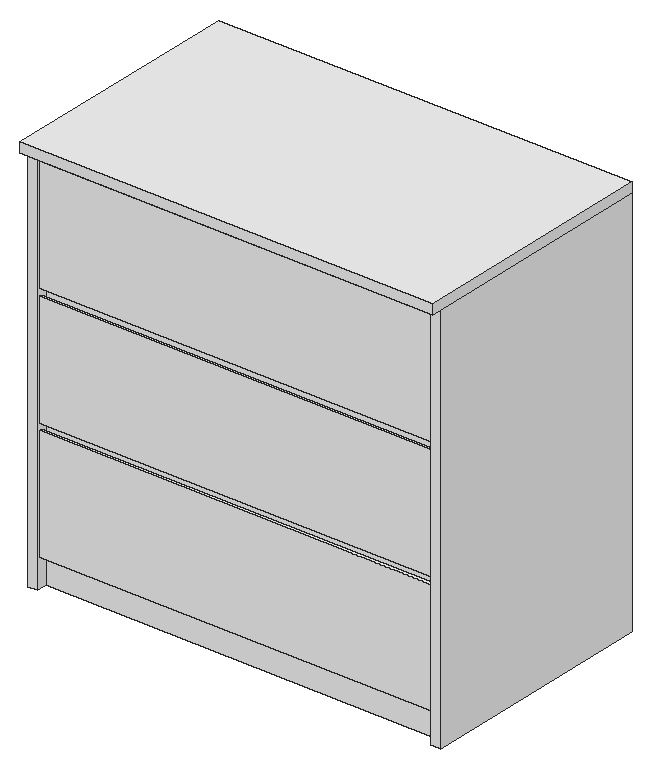
Revit family "c082e9bc2e514b6f84b498131a489413", category Mobilier, Revit 2021
Family settings
  Numéro OmniClass = 23.40.20.00
  Titre OmniClass = General Furniture and Specialties
  Basée sur le plan de construction = Non
  Toujours verticalement = Oui
  Couper avec des vides une fois chargée = Non
  Partagée = Non
  Point de calcul de pièce = Non
Parameters (values of type "80 x 48.2 x 78 cm - Blanc brillant")
  Elévation par défaut = 0 mm
  Profondeur = 482 mm
  Mobilier = Aggloméré - Blanc brillant
  Largeur = 800 mm
  Hauteur = 780 mm
Types (4, lengths in mm): name | Mobilier
  (no name) | Aggloméré - Blanc brillant
  80 x 48.2 x 78 cm - Blanc brillant | Aggloméré - Blanc brillant
  80 x 48.2 x 78 cm - Marron foncé brillant | Aggloméré - Marron foncé brillant
  80 x 48.2 x 78 cm - Bouleau | Aggloméré - Bouleau
Reference planes
  plane 1 "Centre (avant/arrière)": y = 0
  plane 2: z = 0
  plane 3 "Centre (gauche/droite)": x = 0
  plane 4: x = -400
  plane 5: x = 400
  plane 6: y = -482
  plane 7: z = 780
  plane 8: y = -442
  plane 9: z = 60
  plane 10: z = 293.667
  plane 11: z = 527.333
  plane 12: z = 761
Forms (mm)
  Extrusion 1, solid, material "Aggloméré - Blanc brillant" <- "Mobilier"
    sketch origin (0, 0, 0) x (0, 1, 0) y (0, 0, 1)
      loop
        line (0, 780) -> (-482, 780) -> (-482, 761) -> (0, 761) -> (0, 780)
    from -400 to 400
  Extrusion 2, solid, material "Aggloméré - Blanc brillant" <- "Mobilier"
    sketch origin (0, 0, 0) x (1, 0, 0) y (0, 1, 0)
      loop
        line (-400, 0) -> (-400, -462) -> (-381, -462) -> (-381, 0) -> (-400, 0)
      loop
        line (381, 0) -> (381, -462) -> (400, -462) -> (400, 0) -> (381, 0)
    from 0 to 761
  Extrusion 3, solid, material "Aggloméré - Blanc brillant" <- "Mobilier"
    sketch origin (0, 0, 0) x (1, 0, 0) y (0, 1, 0)
      loop
        line (-381, -442) -> (381, -442) -> (381, -423) -> (-381, -423) -> (-381, -442)
    from 0 to 60
  Extrusion 4, solid, material "Aggloméré - Blanc brillant" <- "Mobilier"
    sketch origin (0, 0, 0) x (0, 1, 0) y (0, 0, 1)
      loop
        line (-412, 761) -> (-442, 761) -> (-442, 721) -> (-412, 721) -> (-412, 761)
      loop
        line (-412, 527.333) -> (-442, 527.333) -> (-442, 487.333) -> (-412, 487.333) -> (-412, 527.333)
      loop
        line (-412, 293.667) -> (-442, 293.667) -> (-442, 253.667) -> (-412, 253.667) -> (-412, 293.667)
    from -381 to 381
  Extrusion 5, solid, material "Aggloméré - Blanc brillant" <- "Mobilier"
    sketch origin (0, 0, 0) x (0, 1, 0) y (0, 0, 1)
      loop
        line (-456, 744.833) -> (-461, 744.833) -> (-461, 524.833) -> (-442, 524.833) -> (-442, 730.833) -> (-456, 744.833)
      loop
        line (-456, 511.167) -> (-461, 511.167) -> (-461, 291.167) -> (-442, 291.167) -> (-442, 497.167) -> (-456, 511.167)
      loop
        line (-456, 277.5) -> (-461, 277.5) -> (-461, 57.5) -> (-442, 57.5) -> (-442, 263.5) -> (-456, 277.5)
    from -381 to 381
  Extrusion 6, solid, material "Aggloméré - Blanc brillant" <- "Mobilier"
    sketch origin (0, 0, 0) x (1, 0, 0) y (0, 1, 0)
      loop
        line (-381, 0) -> (-381, -5) -> (381, -5) -> (381, 0) -> (-381, 0)
    from 0 to 761
Dimensions and locks
  "Profondeur": plane 6 to plane 1 "Centre (avant/arrière)"
  equal spacing: plane 4, plane 3 "Centre (gauche/droite)", plane 5
  "Largeur": plane 4 to plane 5
  "Hauteur": plane 7 to level
  locked: plane 8 to plane 6 at 40
  locked: plane 7 to Extrusion 1 sketch curve at 19
  locked: plane 4 to Extrusion 2 sketch curve at 19
  locked: Extrusion 2 sketch curve to plane 5 at 19
  locked: Extrusion 2 sketch curve to plane 6 at 20
  locked: plane 9 to level at 60
  locked: plane 4 to Extrusion 3 sketch curve at 19
  locked: Extrusion 3 sketch curve to plane 5 at 19
  locked: Extrusion 3 sketch curve to plane 8 at 19
  locked: plane 7 to plane 12 at 19
  equal spacing: plane 12, plane 11, plane 10, plane 9
  locked: plane 12 to Extrusion 4 sketch curve at 40
  locked: plane 11 to Extrusion 4 sketch curve at 40
  locked: plane 10 to Extrusion 4 sketch curve at 40
  locked: Extrusion 4 sketch curve to plane 8 at 30
  locked: plane 11 to Extrusion 5 sketch curve at 2.5
  locked: plane 10 to Extrusion 5 sketch curve at 2.5
  locked: plane 9 to Extrusion 5 sketch curve at 2.5
  locked: plane 11 to Extrusion 5 sketch curve at 16.167
  locked: plane 10 to Extrusion 5 sketch curve at 16.167
  locked: plane 12 to Extrusion 5 sketch curve at 16.167
  locked: plane 4 to Extrusion 6 sketch curve at 19
  locked: Extrusion 6 sketch curve to plane 5 at 19
  locked: Extrusion 6 sketch curve to plane 1 "Centre (avant/arrière)" at 5
  aligned and locked: level to plane 2
  aligned and locked: plane 7 to Extrusion 1 sketch curve
  aligned and locked: Extrusion 1 sketch curve to plane 1 "Centre (avant/arrière)"
  aligned and locked: Extrusion 1 sketch curve to plane 6
  aligned and locked: Extrusion 1 to plane 4
  aligned and locked: plane 5 to Extrusion 1
  aligned and locked: plane 1 "Centre (avant/arrière)" to Extrusion 2 sketch curve  (x2)
  aligned and locked: plane 4 to Extrusion 2 sketch curve
  aligned and locked: Extrusion 2 sketch curve to plane 5
  aligned and locked: Extrusion 2 sketch curve to Extrusion 2 sketch curve
  aligned and locked: Extrusion 3 sketch curve to plane 8
  aligned and locked: plane 9 to Extrusion 3
  aligned and locked: plane 12 to Extrusion 2
  aligned and locked: Extrusion 4 sketch curve to Extrusion 4 sketch curve  (x4)
  aligned and locked: Extrusion 4 sketch curve to plane 12
  aligned and locked: Extrusion 4 sketch curve to plane 11
  aligned and locked: Extrusion 4 sketch curve to plane 10
  aligned and locked: plane 8 to Extrusion 4 sketch curve
  aligned and locked: Extrusion 4 to Extrusion 2  (x2)
  aligned and locked: plane 8 to Extrusion 5 sketch curve  (x3)
  aligned and locked: Extrusion 5 sketch curve to Extrusion 5 sketch curve  (x2)
  aligned and locked: Extrusion 5 to Extrusion 2  (x2)
  aligned and locked: plane 1 "Centre (avant/arrière)" to Extrusion 6 sketch curve
  aligned and locked: plane 12 to Extrusion 6
Automatic sketch dimensions
  Extrusion 5 sketch curve to plane 8 = 14 mm  (x2)
  Extrusion 5 sketch curve to Extrusion 5 sketch curve = 5 mm  (x2)
  Extrusion 5 sketch curve to Extrusion 5 sketch curve = 13.667 mm
  Extrusion 5 sketch curve to Extrusion 5 sketch curve = 14 mm
  Extrusion 5 sketch curve to plane 11 = 30.167 mm
  Extrusion 5 sketch curve to plane 11 = 16.167 mm
  Extrusion 5 sketch curve to plane 12 = 30.167 mm
  Extrusion 5 sketch curve to plane 12 = 16.167 mm
